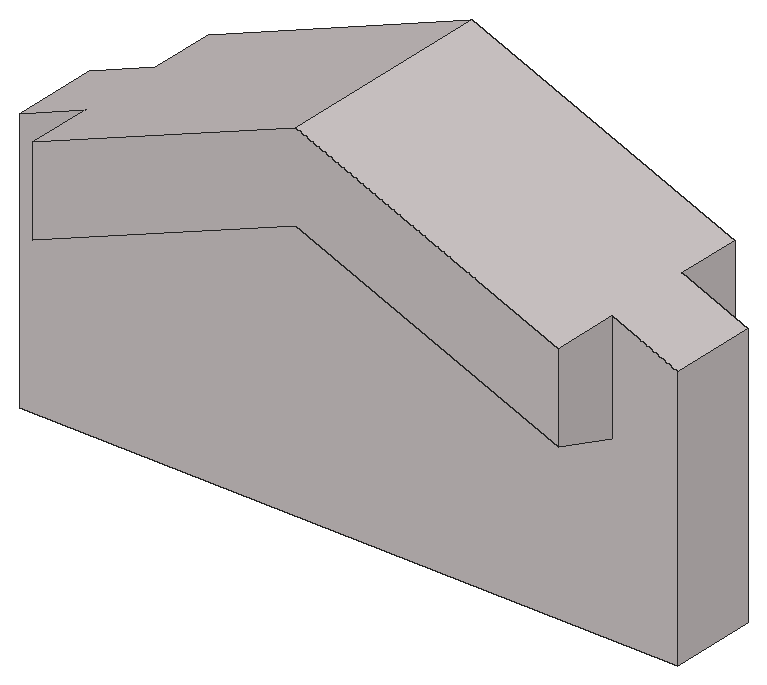
Revit family "853b89716fd2441aa209a546d6ce9771", category Structural Framing, Revit 2021
Family settings
  Display in Hidden Views = Edges Hidden by Other Members
  Structural Framing Length Roundoff = 0' - 0"
  Section Shape = Not Defined
  Material for Model Behavior = Precast Concrete
  Always export as geometry = No
  OmniClass Number = 23.25.30.11.14.14
  OmniClass Title = Beams
  Seek Item ID = Precast-Girder T-Saddleback-0000-USA-ENU
  Always vertical = Yes
  Cut with Voids When Loaded = No
  Symbolic Representation = From Family
  Shared = No
  Show family pre-cut in plan views = Yes
Parameters (values of type "36"x24"x8"")
  Tie Rod Weight [instance] = 30
  Tie Rod W [instance] = (Tie Rod Weight) * 2.20313 kip / 1000  # 0.0660938 kip
  Structural Material [instance] = Concrete, Precast
  Single Rebar Weight [instance] = 50
  Single Rebar W [instance] = (Single Rebar Weight * 2.20313 kip) / 1000  # 0.110156 kip
  Rebar Grids Weight [instance] = 100
  Rebar Grids W [instance] = (Rebar Grids Weight * 2.20313 kip) / 1000  # 0.220313 kip
  Length 1 = 0' - 6"
  D5 = 0' - 2"
  D4 [instance] = (D1 - D2) * 2 / Length * Length 1 + D2  # 2' - 2.4"
  D2 = 2' - 0"
  D3 = 0' - 8"
  B1 = 0' - 8"
  Assembly Code = "B10"
  Length [instance] = 5' - 0"
  B2 = 1' - 8"
  D1 = 3' - 0"
Types (3): name | Length 1 | D5 | D4 | D2 | D3 | B1 | D1
  (no name) | 0' - 6" | 0' - 2" | 2' - 2.4" | 2' - 0" | 0' - 8" | 0' - 8" | 3' - 0"
  24"x17"x12" | 0' - 10" | 0' - 1" | 1' - 7.33333" | 1' - 5" | 0' - 5" | 1' - 0" | 2' - 0"
  36"x24"x8" | 0' - 6" | 0' - 2" | 2' - 2.4" | 2' - 0" | 0' - 8" | 0' - 8" | 3' - 0"
Reference planes (in)
  plane 1 "Center (Front/Back)": y = 0
  plane 2: z = 0
  plane 3 "Center (Left/Right)": x = 0.1815
  plane 4 "Member Left": x = -29.79567
  plane 5 "Member Right": x = 30.15867
  plane 6: y = 10
  plane 7: y = -10
  plane 8: z = 18
  plane 9 "Bottom": z = -18
  plane 10 "Left": x = -29.8185
  plane 11 "Right": x = 30.1815
  plane 12: y = 4
  plane 13: y = -4
  plane 14: x = -23.79567
  plane 15: x = 24.15867
  plane 16: x = 0.1815
  plane 17: z = 10
  plane 18: z = 6
  plane 19: z = 8.4
  plane 20: z = 0.4
  plane 21: z = 8
  plane 22: z = -1.6
Forms (in)
  Blend 1, solid, material "Concrete, Precast" <- "Structural Material"
    base sketch origin (0.1815, 0, 0) x (0, 1, 0) y (0, 0, 1)
      loop
        line (10, 18) -> (-10, 18) -> (-10, 10) -> (-4, 8) -> (-4, -18) -> (4, -18) -> (4, 8) -> (10, 10) -> (10, 18)
    top sketch origin (0.1815, 0, 0) x (0, 1, 0) y (0, 0, 1)
      loop
        line (10, 8.4) -> (-10, 8.4) -> (-10, 0.4) -> (-4, -1.6) -> (-4, -18) -> (4, -18) -> (4, -1.6) -> (10, 0.4) -> (10, 8.4)
    from 0 to 23.97717
  Blend 2, solid, material "Concrete, Precast" <- "Structural Material"
    base sketch origin (16.90985, 0, 0) x (0, 1, 0) y (0, 0, -1)
      loop
        line (10, -18) -> (10, -10) -> (4, -8) -> (4, 18) -> (-4, 18) -> (-4, -8) -> (-10, -10) -> (-10, -18) -> (10, -18)
    top sketch origin (16.90985, 0, 0) x (0, 1, 0) y (0, 0, -1)
      loop
        line (10, -8.4) -> (10, -0.4) -> (4, 1.6) -> (4, 18) -> (-4, 18) -> (-4, 1.6) -> (-10, -0.4) -> (-10, -8.4) -> (10, -8.4)
    from 16.72835 to 40.70551
  Blend 3, solid, material "Concrete, Precast" <- "Structural Material"
    base sketch origin (0.1815, 0, 0) x (0, 1, 0) y (0, 0, 1)
      loop
        line (4, 8.4) -> (-4, 8.4) -> (-4, -18) -> (4, -18) -> (4, 8.4)
    top sketch origin (0.1815, 0, 0) x (0, 1, 0) y (0, 0, 1)
      loop
        line (4, -18) -> (4, 6) -> (-4, 6) -> (-4, -18) -> (4, -18)
    from 23.97717 to 29.97717
  Blend 4, solid, material "Concrete, Precast" <- "Structural Material"
    base sketch origin (16.90985, 0, 0) x (0, 1, 0) y (0, 0, -1)
      loop
        line (4, -8.4) -> (4, 18) -> (-4, 18) -> (-4, -8.4) -> (4, -8.4)
    top sketch origin (16.90985, 0, 0) x (0, 1, 0) y (0, 0, -1)
      loop
        line (4, 18) -> (-4, 18) -> (-4, -6) -> (4, -6) -> (4, 18)
    from 40.70551 to 46.70551
Cuts and joins
  joined: Blend 1, Blend 2, Blend 3, Blend 4
Dimensions and locks (in)
  "B2": plane 6 to plane 7
  equal spacing: plane 9 "Bottom", plane 2, plane 8
  equal spacing: plane 6, plane 1 "Center (Front/Back)", plane 7
  "D1": plane 9 "Bottom" to plane 8
  "Length": plane 10 "Left" to plane 11 "Right"
  "B1": plane 12 to plane 13
  equal spacing: plane 12, plane 1 "Center (Front/Back)", plane 13
  "D3": plane 8 to plane 17
  "D2": plane 9 "Bottom" to plane 18
  "D4": plane 9 "Bottom" to plane 19
  "D3": plane 20 to plane 19
  level to Blend 2 sketch curve = 0' - 8.4"
  equal spacing: plane 14, plane 16, plane 15
  "D5": plane 17 to plane 21
  "D5": plane 20 to plane 22
  "Length 1": plane 4 "Member Left" to plane 14
  "Length 1": plane 15 to plane 5 "Member Right"
  aligned and locked: plane 7 to Blend 1 sketch curve  (x2)
  aligned and locked: Blend 1 sketch curve to plane 6  (x2)
  aligned and locked: Blend 1 to plane 16
  aligned and locked: plane 7 to Blend 2 sketch curve  (x2)
  aligned and locked: plane 8 to Blend 2 sketch curve
  aligned and locked: Blend 2 sketch curve to plane 6  (x2)
  aligned and locked: plane 16 to Blend 2
  aligned and locked: Blend 3 sketch curve to var sketch
  aligned and locked: Blend 3 sketch curve to plane 13
  aligned and locked: plane 12 to Blend 3 sketch curve
  aligned and locked: Blend 3 sketch curve to plane 12
  aligned and locked: plane 13 to Blend 3 sketch curve
  aligned and locked: Blend 4 sketch curve to plane 13
  aligned and locked: Blend 4 sketch curve to plane 12
  aligned and locked: plane 13 to Blend 4 sketch curve
  aligned and locked: plane 9 "Bottom" to Blend 4 sketch curve
  aligned and locked: Blend 4 sketch curve to plane 9 "Bottom"
  aligned and locked: plane 12 to Blend 4 sketch curve
  aligned and locked: plane 9 "Bottom" to Blend 3 sketch curve
  aligned and locked: Blend 2 to plane 14
  aligned and locked: plane 18 to Blend 4 sketch curve
  aligned and locked: plane 18 to Blend 3 sketch curve
  aligned and locked: plane 19 to Blend 1 sketch curve
  aligned and locked: Blend 1 to plane 15
  aligned and locked: plane 19 to Blend 4 sketch curve
  aligned and locked: Blend 4 to plane 14
  aligned and locked: Blend 2 sketch curve to plane 9 "Bottom"
  aligned and locked: plane 12 to Blend 2 sketch curve  (x3)
  aligned and locked: Blend 2 sketch curve to var sketch
  aligned and locked: Blend 3 sketch curve to plane 19
  aligned and locked: plane 15 to Blend 3
  aligned and locked: Blend 1 sketch curve to var sketch
  aligned and locked: var sketch to Blend 1 sketch curve
  aligned and locked: plane 8 to Blend 1 sketch curve
  aligned and locked: plane 21 to Blend 1 sketch curve  (x2)
  aligned and locked: plane 17 to Blend 1 sketch curve  (x2)
  aligned and locked: Blend 1 sketch curve to plane 9 "Bottom"
  aligned and locked: plane 20 to Blend 1 sketch curve  (x2)
  aligned and locked: plane 22 to Blend 1 sketch curve  (x2)
  aligned and locked: plane 12 to Blend 1 sketch curve
  aligned and locked: plane 21 to Blend 2 sketch curve  (x2)
  aligned and locked: plane 13 to Blend 2 sketch curve
  aligned and locked: Blend 2 sketch curve to plane 13
  aligned and locked: plane 22 to Blend 2 sketch curve  (x2)
  aligned and locked: plane 19 to Blend 2 sketch curve
  aligned and locked: plane 20 to Blend 2 sketch curve  (x2)
  aligned and locked: plane 4 "Member Left" to Blend 4
  aligned and locked: Blend 3 to plane 5 "Member Right"
Automatic sketch dimensions
  Blend 2 sketch curve to plane 17 = 0' - 0"  (x2)
  Blend 1 sketch curve to plane 13 = 0' - 0"
  Blend 1 sketch curve to plane 12 = 0' - 0"
